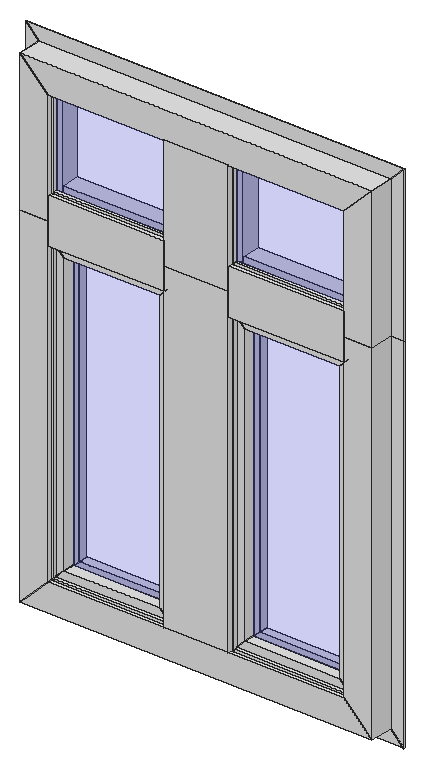
Revit family "511_CC-UT_nailfin", category Windows, host Wall, Revit 2016
Family settings
  Host = Wall
  OmniClass Number = 23.30.20.00
  OmniClass Title = Windows
  Always vertical = Yes
  Cut with Voids When Loaded = No
  Shared = No
  Room Calculation Point = No
Parameters (values of type "30x42")
  VBS = 1 / 2 * Width  # 15"
  MLW3 = 1 / 8 * HBS  # 1 1/2"
  MLW2 = 3.281"
  MLW1 = 2.842"
  MLH = 1 / 2 * (Height - HBS)  # 15"
  Interior Color [instance] = White
  Height = 42"
  HBS = 12"
  Exterior Color [instance] = White
  Default Sill Height = 31.49606"
  Wall Closure = By host
  Width = 30"
  CH [instance] = 30"
Reference planes (in)
  plane 1 "Center (Front/Back)": y = 0
  plane 2 "Center (Left/Right)": x = 0
  plane 3 "Left": x = -15
  plane 4 "Right": x = 15
  plane 5 "Sill": z = 31.49606
  plane 6 "Head": z = 73.49606
  plane 7 "Exterior": y = 3.93701
  plane 8 "Interior": y = -3.93701
  plane 9 "Front of wall": y = 3.93701
  plane 10 "HBS": z = 61.49606
  plane 11 "VBS": x = 0
  plane 12: x = -12.939
  plane 13: z = 59.87406
  plane 14: x = -12.938
  plane 15: x = -2.436
  plane 16: x = 2.438
  plane 17: x = 12.959
  plane 18: z = 34.27706
  plane 19: z = 59.15406
  plane 20: z = 63.11806
  plane 21: z = 71.43306
  plane 22: x = 3.12688
  plane 23: x = -3.12112
  plane 24: x = 12.2515
  plane 25: x = -12.2505
  plane 26: x = -11.7505
  plane 27: x = -3.62112
  plane 28: x = 3.62788
  plane 29: x = 11.7505
  plane 30 "Front of glass": y = 4.19401
Forms (in)
  Extrusion 1, solid, material "White" <- "Interior Color"
    sketch origin (0, 0, 73.49606) x (0, -1, 0) y (1, 0, 0)
      loop
        line (-5.10257, -14.98) -> (-5.07401, -15) -> (-4.01201, -15) -> (-4.01201, -16.125) -> (-3.93701, -16.125) -> (-3.93701, -15) -> (-1.88701, -15) -> (-1.88701, -12.625) -> (-2.26201, -12.625) -> (-2.26201, -12.437) -> (-2.56201, -12.437) -> (-2.56201, -11.7505) -> (-3.44951, -11.7505) -> (-3.44951, -12.2505) -> (-4.19401, -12.2505) -> (-4.19401, -11.7882) -> (-4.23201, -11.8125) -> (-4.97201, -11.8125) -> (-4.97201, -12.3755) -> (-5.01201, -12.3755) -> (-5.01201, -14.37911) -> (-5.38701, -14.43181) -> (-5.38701, -15.02) -> (-5.26201, -15.02) -> (-5.26201, -14.98) -> (-5.10257, -14.98)
    from -12 to -43.125
  Extrusion 2, solid, material "White" <- "Interior Color"
    sketch origin (0, 0, 73.49606) x (0, -1, 0) y (1, 0, 0)
      loop
        line (-5.01201, -0.99251) -> (-5.01201, -2.99612) -> (-4.97201, -3.02375) -> (-4.97201, -3.55912) -> (-4.23201, -3.55912) -> (-4.19401, -3.58342) -> (-4.19401, -3.12112) -> (-3.44951, -3.12112) -> (-3.44951, -3.62112) -> (-2.56201, -3.62112) -> (-2.56201, -2.938) -> (-2.26201, -2.938) -> (-2.26201, -2.74662) -> (-1.88701, -2.74662) -> (-1.88701, 2.75338) -> (-2.26201, 2.75338) -> (-2.26201, 2.94138) -> (-2.56201, 2.94138) -> (-2.56201, 3.62788) -> (-3.44951, 3.62788) -> (-3.44951, 3.12688) -> (-4.19401, 3.12688) -> (-4.19401, 3.59018) -> (-4.23201, 3.56588) -> (-4.97201, 3.56588) -> (-4.97201, 3.00288) -> (-5.01201, 3.00288) -> (-5.01201, 0.99927) -> (-5.38701, 0.94657) -> (-5.38701, -0.94657) -> (-5.01201, -0.99251)
    from -12 to -42
  Extrusion 3, solid, material "White" <- "Interior Color"
    sketch origin (0, 0, 73.49606) x (0, -1, 0) y (1, 0, 0)
      loop
        line (-5.10865, 14.98) -> (-5.26201, 14.98) -> (-5.26201, 15.02) -> (-5.38701, 15.02) -> (-5.38701, 14.43181) -> (-5.01201, 14.37911) -> (-5.01201, 12.3755) -> (-4.97201, 12.34787) -> (-4.97201, 11.8125) -> (-4.23201, 11.8125) -> (-4.19401, 11.7882) -> (-4.19401, 12.2515) -> (-3.44951, 12.2515) -> (-3.44951, 11.7505) -> (-2.56201, 11.7505) -> (-2.56201, 12.437) -> (-2.26201, 12.437) -> (-2.26201, 12.625) -> (-1.88701, 12.625) -> (-1.88701, 15) -> (-3.93701, 15) -> (-3.93701, 16.125) -> (-4.01201, 16.125) -> (-4.01201, 15) -> (-5.07401, 15) -> (-5.10865, 14.98)
    from -43.125 to -12
  Sweep 4, void
    path in 3D
      loop
        line (13.17075, 10.88071, 73.49606) -> (13.17075, 3.93701, 73.49606)
    profile origin (13.17075, 7.40886, 73.49606) x (1, 0, 0) y (0, 0, 1)
      loop
        line (3.54739, 1.71815) -> (1.17715, -0.6521) -> (1.17715, -4.53185) -> (3.54739, -4.53185) -> (3.54739, 1.71815)
  Sweep 5, void
    path in 3D
      loop
        line (13.17075, 10.88071, 73.49606) -> (13.17075, 3.93701, 73.49606)
    profile origin (13.17075, 7.40886, 73.49606) x (1, 0, 0) y (0, 0, 1)
      loop
        line (3.40665, 1.5774) -> (-2.70261, 1.5774) -> (-2.70261, -2.56621) -> (1.17713, -2.56621) -> (1.17713, -0.65211) -> (3.40665, 1.5774)
  Sweep 6, void
    path in 3D
      loop
        line (-1.37003, 11.0544, 73.49606) -> (-1.37003, 3.93701, 73.49606)
    profile origin (-1.37003, 7.4957, 73.49606) x (1, 0, 0) y (0, 0, 1)
      loop
        line (5.19525, -2.56621) -> (5.19525, 2.90913) -> (-2.93212, 2.90913) -> (-2.93212, -2.56621) -> (0.34293, -2.56621) -> (0.34293, -0.56819) -> (2.39713, -0.56819) -> (2.39713, -2.56621) -> (5.19525, -2.56621)
  Sweep 7, void
    path in 3D
      loop
        line (-10.97699, 10.03798, 73.49606) -> (-10.97699, 3.93701, 73.49606)
    profile origin (-10.97699, 6.98749, 73.49606) x (1, 0, 0) y (0, 0, 1)
      loop
        line (-6, 1.97699) -> (-3.37089, -0.65211) -> (-3.37089, -2.56621) -> (0, -2.56621) -> (0, 1.97699) -> (-6, 1.97699)
  Sweep 8, void
    path in 3D
      loop
        line (-10.97699, 10.03798, 73.49606) -> (-10.97699, 3.93701, 73.49606)
    profile origin (-10.97699, 6.98749, 73.49606) x (1, 0, 0) y (0, 0, 1)
      loop
        line (-5.69826, 1.67525) -> (-5.69826, -3.82475) -> (-3.37089, -3.82475) -> (-3.37089, -0.65211) -> (-5.69826, 1.67525)
  Sweep 9, void
    path in 3D
      loop
        line (-10.22699, 10.03798, 31.49606) -> (-10.22699, 3.93701, 31.49606)
    profile origin (-10.22699, 6.98749, 31.49606) x (1, 0, 0) y (0, 0, 1)
      loop
        line (-7.19826, -2.42525) -> (-0.94826, -2.42525) -> (-0.94826, 3.82475) -> (-7.19826, -2.42525)
  Sweep 10, void
    path in 3D
      loop
        line (-10.22699, 10.03798, 31.49606) -> (-10.22699, 3.93701, 31.49606)
    profile origin (-10.22699, 6.98749, 31.49606) x (1, 0, 0) y (0, 0, 1)
      loop
        line (-7.12503, -2.35203) -> (-1.12503, 3.64797) -> (-7.12503, 3.64797) -> (-7.12503, -2.35203)
  Sweep 11, void
    path in 3D
      loop
        line (13.73886, 10.73342, 31.49606) -> (13.73886, 3.93701, 31.49606)
    profile origin (13.73886, 7.33521, 31.49606) x (1, 0, 0) y (0, 0, 1)
      loop
        line (-2.17869, 3.43969) -> (-2.17869, -2.56031) -> (3.82131, -2.56031) -> (-2.17869, 3.43969)
  Sweep 12, void
    path in 3D
      loop
        line (13.73886, 10.73342, 31.49606) -> (13.73886, 3.93701, 31.49606)
    profile origin (13.73886, 7.33521, 31.49606) x (1, 0, 0) y (0, 0, 1)
      loop
        line (-2.239, 3.5) -> (3.1142, -1.8532) -> (3.1142, 3.5) -> (-2.239, 3.5)
  Sweep 13, void
    path in 3D
      loop
        line (14.01239, 10.60718, 61.49606) -> (14.01239, 3.93701, 61.49606)
    profile origin (14.01239, 7.27209, 61.49606) x (1, 0, 0) y (0, 0, 1)
      loop
        line (0.41942, 0.13119) -> (0.33551, 0.2151) -> (0.33551, 2.12735) -> (-2.89836, 2.12735) -> (-2.89836, -3.47847) -> (0.36672, -0.21339) -> (0.36672, -0.14043) -> (0.41942, -0.14043) -> (0.41942, 0.13119)
  Extrusion 14, void
    sketch origin (0, 3.93701, 0) x (1, 0, 0) y (0, 0, 1)
      loop
        line (-11.42787, 64.6627) -> (-15.2708, 64.6627) -> (-15.2708, 58.31006) -> (-11.4065, 58.31006) -> (-12.437, 59.34056) -> (-12.437, 59.56006) -> (-12.625, 59.56006) -> (-12.625, 63.43406) -> (-12.437, 63.43406) -> (-12.437, 63.65356) -> (-11.42787, 64.6627)
    from 0 to 12
  Extrusion 15, void
    sketch origin (0, 3.93701, 0) x (1, 0, 0) y (0, 0, 1)
      loop
        line (-11.60996, 58.51352) -> (-11.60996, 59.89362) -> (-12.437, 59.89362) -> (-12.437, 59.34056) -> (-11.60996, 58.51352)
    from 0 to 12
  Extrusion 16, void
    sketch origin (0, 3.93701, 0) x (1, 0, 0) y (0, 0, 1)
      loop
        line (-4.05331, 64.77225) -> (-2.93462, 63.65356) -> (-2.93462, 63.43406) -> (-2.74662, 63.43406) -> (-2.74662, 59.56006) -> (-2.938, 59.56006) -> (-2.938, 59.33718) -> (-4.21512, 58.06006) -> (4.22188, 58.06006) -> (2.93935, 59.34259) -> (2.93935, 59.56006) -> (2.75, 59.56006) -> (2.75, 63.43406) -> (2.94138, 63.43406) -> (2.94138, 63.65356) -> (4.06007, 64.77225) -> (-4.05331, 64.77225)
    from 0 to 12
  Extrusion 17, void
    sketch origin (0, 3.93701, 0) x (1, 0, 0) y (0, 0, 1)
      loop
        line (-3.89546, 58.37973) -> (-2.938, 59.33718) -> (-2.938, 59.72885) -> (-3.89546, 59.72885) -> (-3.89546, 58.37973)
    from 0 to 12
  Extrusion 18, void
    sketch origin (0, 3.93701, 0) x (1, 0, 0) y (0, 0, 1)
      loop
        line (3.8907, 58.39125) -> (3.8907, 60.09259) -> (2.93935, 60.09259) -> (2.93935, 59.34259) -> (3.8907, 58.39125)
    from 0 to 12
  Extrusion 19, void
    sketch origin (0, 3.93701, 0) x (1, 0, 0) y (0, 0, 1)
      loop
        line (12.437, 64.18406) -> (12.437, 63.43406) -> (12.625, 63.43406) -> (12.625, 59.56006) -> (12.437, 59.56006) -> (12.437, 59.34056) -> (11.4065, 58.31006) -> (15.93495, 58.31006) -> (15.93495, 64.18406) -> (12.437, 64.18406)
    from 0 to 12
  Extrusion 20, void
    sketch origin (0, 3.93701, 0) x (1, 0, 0) y (0, 0, 1)
      loop
        line (10.687, 57.59056) -> (12.437, 59.34056) -> (12.437, 60.19666) -> (10.687, 60.19666) -> (10.687, 57.59056)
    from 0 to 12
  Extrusion 21, void
    sketch origin (0, 3.93701, 0) x (1, 0, 0) y (0, 0, 1)
      loop
        line (-3.87098, 71.12106) -> (3.94138, 71.12106) -> (3.94138, 74.84856) -> (-3.87098, 74.84856) -> (-3.87098, 71.12106)
    from 0 to 12
  Extrusion 22, void
    sketch origin (0, 3.93701, 0) x (1, 0, 0) y (0, 0, 1)
      loop
        line (4.35902, 69.48392) -> (2.94135, 70.90159) -> (2.94135, 71.12106) -> (-2.93935, 71.12106) -> (-2.93935, 69.48392) -> (4.35902, 69.48392)
    from 0 to 12
  Extrusion 23, void
    sketch origin (0, 3.93701, 0) x (1, 0, 0) y (0, 0, 1)
      loop
        line (-2.938, 34.09394) -> (-2.938, 33.87106) -> (2.938, 33.87106) -> (2.938, 34.08718) -> (4.20232, 35.35151) -> (-4.19557, 35.35151) -> (-2.938, 34.09394)
    from 0 to 12
  Extrusion 24, void
    sketch origin (0, 3.93701, 0) x (1, 0, 0) y (0, 0, 1)
      loop
        line (-4.188, 29.62106) -> (3.938, 29.62106) -> (3.938, 35.08718) -> (2.938, 34.08718) -> (2.938, 33.87106) -> (-2.938, 33.87106) -> (-2.938, 34.09394) -> (-4.188, 35.34394) -> (-4.188, 29.62106)
    from 0 to 12
  Extrusion 25, void
    sketch origin (0, 3.93701, 0) x (1, 0, 0) y (0, 0, 1)
      loop
        line (12.43365, 33.87106) -> (12.625, 33.87106) -> (17.20623, 29.28983) -> (17.20623, 35.73265) -> (10.79492, 35.73265) -> (12.43365, 34.09392) -> (12.43365, 33.87106)
    from 0 to 12
  Extrusion 26, void
    sketch origin (0, 3.93701, 0) x (1, 0, 0) y (0, 0, 1)
      loop
        line (18.25, 28.24606) -> (12.625, 33.87106) -> (12.43365, 33.87106) -> (12.43365, 34.09392) -> (11.21079, 35.31678) -> (11.21079, 28.24606) -> (18.25, 28.24606)
    from 0 to 12
  Extrusion 27, void
    sketch origin (0, 3.93701, 0) x (1, 0, 0) y (0, 0, 1)
      loop
        line (-12.437, 34.09056) -> (-11.19362, 35.33394) -> (-18.17911, 35.33394) -> (-18.17911, 28.31696) -> (-12.625, 33.87106) -> (-12.437, 33.87106) -> (-12.437, 34.09056)
    from 0 to 12
  Extrusion 28, void
    sketch origin (0, 3.93701, 0) x (1, 0, 0) y (0, 0, 1)
      loop
        line (-12.437, 33.87106) -> (-12.625, 33.87106) -> (-17.42525, 29.07081) -> (-11.437, 29.07081) -> (-11.437, 35.09056) -> (-12.437, 34.09056) -> (-12.437, 33.87106)
    from 0 to 12
  Extrusion 29, void
    sketch origin (0, 3.93701, 0) x (1, 0, 0) y (0, 0, 1)
      loop
        line (-11.32161, 69.78617) -> (-12.437, 70.90156) -> (-12.437, 71.12106) -> (-12.625, 71.12106) -> (-17.82654, 76.3226) -> (-17.82654, 69.78617) -> (-11.32161, 69.78617)
    from 0 to 12
  Extrusion 30, void
    sketch origin (0, 3.93701, 0) x (1, 0, 0) y (0, 0, 1)
      loop
        line (-11.55698, 70.02154) -> (-11.55698, 76.33254) -> (-17.83647, 76.33254) -> (-12.625, 71.12106) -> (-12.437, 71.12106) -> (-12.437, 70.90156) -> (-11.55698, 70.02154)
    from 0 to 12
  Extrusion 31, void
    sketch origin (0, 3.93701, 0) x (1, 0, 0) y (0, 0, 1)
      loop
        line (11.33848, 69.80304) -> (16.71815, 69.80304) -> (16.71815, 75.21421) -> (12.625, 71.12106) -> (12.437, 71.12106) -> (12.437, 70.90156) -> (11.33848, 69.80304)
    from 0 to 12
  Extrusion 32, void
    sketch origin (0, 3.93701, 0) x (1, 0, 0) y (0, 0, 1)
      loop
        line (11.35412, 69.81868) -> (12.43565, 70.90021) -> (12.43565, 71.12106) -> (12.625, 71.12106) -> (17.72703, 76.2231) -> (11.35412, 76.2231) -> (11.35412, 69.81868)
    from 0 to 12
  Sweep 33, void
    path in 3D
      loop
        line (14.01239, 10.60718, 61.49606) -> (14.01239, 3.93701, 61.49606)
    profile origin (14.01239, 7.27209, 61.49606) x (1, 0, 0) y (0, 0, 1)
      loop
        line (-3.00651, -3.58662) -> (2.96457, -3.58662) -> (2.96457, 2.72308) -> (0.41942, 2.72308) -> (0.41942, -0.14134) -> (0.36672, -0.21339) -> (-3.00651, -3.58662)
  Sweep 34, void
    path in 3D
      loop
        line (1.47049, 10.57046, 61.49606) -> (1.47049, 3.93701, 61.49606)
    profile origin (1.47049, 7.25373, 61.49606) x (1, 0, 0) y (0, 0, 1)
      loop
        line (2.32785, -3.01246) -> (2.32785, 2.12735) -> (-0.44339, 2.12735) -> (-0.44339, 0.2151) -> (-0.5273, 0.13119) -> (-0.5273, -0.14043) -> (-0.44339, -0.14043) -> (-0.44339, -0.24122) -> (2.32785, -3.01246)
  Sweep 35, void
    path in 3D
      loop
        line (1.47049, 10.57046, 61.49606) -> (1.47049, 3.93701, 61.49606)
    profile origin (1.47049, 7.25373, 61.49606) x (1, 0, 0) y (0, 0, 1)
      loop
        line (-6.02599, -3.77638) -> (3.09177, -3.77638) -> (-0.44339, -0.24122) -> (-0.44339, -0.18189) -> (-0.52392, -0.13257) -> (-2.41706, -0.13257) -> (-2.49759, -0.2131) -> (-2.49759, -0.24798) -> (-6.02599, -3.77638)
  Sweep 36, void
    path in 3D
      loop
        line (1.47049, 10.57046, 61.49606) -> (1.47049, 3.93701, 61.49606)
    profile origin (1.47049, 7.25373, 61.49606) x (1, 0, 0) y (0, 0, 1)
      loop
        line (-2.41368, 0.16607) -> (-2.49759, 0.2151) -> (-2.49759, 2.12735) -> (-5.82246, 2.12735) -> (-5.82246, -3.57285) -> (-2.49759, -0.24798) -> (-2.49759, -0.14043) -> (-2.41368, -0.14043) -> (-2.41368, 0.16607)
  Sweep 37, void
    path in 3D
      loop
        line (-9.47699, 10.03798, 61.49606) -> (-9.47699, 3.93701, 61.49606)
    profile origin (-9.47699, 6.98749, 61.49606) x (1, 0, 0) y (0, 0, 1)
      loop
        line (-4.95482, 0.13119) -> (-4.95482, -0.14043) -> (-4.90211, -0.14043) -> (-4.90211, -0.21339) -> (-1.90211, -3.21339) -> (-1.90211, 2.12735) -> (-4.87091, 2.12735) -> (-4.87091, 0.2151) -> (-4.95482, 0.13119)
  Sweep 38, void
    path in 3D
      loop
        line (-9.47699, 10.03798, 61.49606) -> (-9.47699, 3.93701, 61.49606)
    profile origin (-9.47699, 6.98749, 61.49606) x (1, 0, 0) y (0, 0, 1)
      loop
        line (-4.90211, -0.21339) -> (-5.15211, -0.21339) -> (-5.15211, 2.94078) -> (-6.90211, 2.94078) -> (-6.90211, -3.21339) -> (-1.90211, -3.21339) -> (-4.90211, -0.21339)
  Sweep 39, void
    path in 3D
      loop
        line (0.73406, 10.75983, 31.49606) -> (0.73406, 3.93701, 31.49606)
    profile origin (0.73406, 7.34842, 31.49606) x (1, 0, 0) y (0, 0, 1)
      loop
        line (3.21251, -2.28495) -> (3.21251, 3.59969) -> (0.21251, 0.59969) -> (0.21251, 0.56819) -> (-1.68063, 0.56819) -> (-1.68063, 0.60645) -> (-4.93149, 3.85732) -> (-4.93149, -2.28495) -> (3.21251, -2.28495)
  Extrusion 40, solid, material "White" <- "Interior Color"
    sketch origin (0, 0, 73.49606) x (0, -1, 0) y (1, 0, 0)
      loop
        line (-5.1169, -14.98) -> (-5.07401, -15) -> (-4.01201, -15) -> (-4.01201, -16.125) -> (-3.93701, -16.125) -> (-3.93701, -15) -> (-1.88701, -15) -> (-1.88701, -12.625) -> (-2.26201, -12.625) -> (-2.26201, -12.437) -> (-2.51251, -12.437) -> (-2.51251, -12.938) -> (-3.25701, -12.938) -> (-3.25701, -12.437) -> (-4.78995, -12.437) -> (-4.78995, -14.3479) -> (-5.38701, -14.43181) -> (-5.38701, -15.02) -> (-5.26201, -15.02) -> (-5.26201, -14.98) -> (-5.1169, -14.98)
    from 1.125 to -12
  Extrusion 41, solid, material "White" <- "Interior Color"
    sketch origin (0, 0, 115.49606) x (0, -1, 0) y (1, 0, 0)
      loop
        line (-4.78995, 1.0271) -> (-5.38701, 0.94319) -> (-5.38701, -0.94319) -> (-4.78995, -1.0271) -> (-4.78995, -2.93935) -> (-3.25701, -2.93935) -> (-3.25701, -2.436) -> (-2.51251, -2.436) -> (-2.51251, -2.93935) -> (-2.26201, -2.93935) -> (-2.26201, -2.75) -> (-1.88701, -2.75) -> (-1.88701, 2.75) -> (-2.26201, 2.75) -> (-2.26201, 2.938) -> (-2.51251, 2.938) -> (-2.51251, 2.438) -> (-3.25701, 2.438) -> (-3.25701, 2.94135) -> (-4.78995, 2.94135) -> (-4.78995, 1.0271)
    from -42 to -54
  Extrusion 42, solid, material "White" <- "Interior Color"
    sketch origin (0, 0, 73.49606) x (0, -1, 0) y (1, 0, 0)
      loop
        line (-5.10257, 14.98) -> (-5.26201, 14.98) -> (-5.26201, 15.02) -> (-5.38701, 15.02) -> (-5.38701, 14.43181) -> (-4.78995, 14.3479) -> (-4.78995, 12.43565) -> (-3.25701, 12.43565) -> (-3.25701, 12.939) -> (-2.51251, 12.939) -> (-2.51251, 12.43565) -> (-2.26201, 12.43565) -> (-2.26201, 12.625) -> (-1.88701, 12.625) -> (-1.88701, 15) -> (-3.93701, 15) -> (-3.93701, 16.125) -> (-4.01201, 16.125) -> (-4.01201, 15) -> (-5.07401, 15) -> (-5.10257, 14.98)
    from 1.125 to -12
  Extrusion 43, solid, material "White" <- "Interior Color"
    sketch origin (0, 0, 0) x (0, 1, 0) y (0, 0, 1)
      loop
        line (5.10257, 31.51606) -> (5.26201, 31.51606) -> (5.26201, 31.47606) -> (5.38701, 31.47606) -> (5.38701, 32.06425) -> (5.01201, 32.11684) -> (5.01201, 34.15206) -> (4.97201, 34.15206) -> (4.97201, 34.71516) -> (4.23197, 34.71516) -> (4.19401, 34.73939) -> (4.19401, 34.27706) -> (3.44951, 34.27706) -> (3.44951, 34.77706) -> (2.56201, 34.77706) -> (2.56201, 34.05906) -> (2.26201, 34.05906) -> (2.26201, 33.87106) -> (1.88701, 33.87106) -> (1.88701, 31.49606) -> (3.93701, 31.49606) -> (3.93701, 30.37106) -> (4.01201, 30.37106) -> (4.01201, 31.49606) -> (5.07401, 31.49606) -> (5.10257, 31.51606)
    from 16.125 to -16.125
  Extrusion 44, solid, material "White" <- "Interior Color"
    sketch origin (0, 0, 0) x (0, 1, 0) y (0, 0, 1)
      loop
        line (1.88701, 59.56006) -> (2.26201, 59.56006) -> (2.26201, 59.37206) -> (2.56201, 59.37206) -> (2.56201, 58.65406) -> (3.44951, 58.65406) -> (3.44951, 59.15406) -> (4.19401, 59.15406) -> (4.19401, 58.69177) -> (4.23201, 58.71606) -> (4.97201, 58.71606) -> (4.97201, 59.27906) -> (5.01201, 59.27906) -> (5.01201, 61.31417) -> (5.30701, 61.35563) -> (5.30701, 61.6365) -> (4.78995, 61.71116) -> (4.78995, 63.62342) -> (3.25701, 63.62342) -> (3.25701, 63.11806) -> (2.51251, 63.11806) -> (2.51251, 63.62206) -> (2.26201, 63.62206) -> (2.26201, 63.43406) -> (1.88701, 63.43406) -> (1.88701, 59.56006)
    from 15 to -15
  Extrusion 45, solid, material "White" <- "Interior Color"
    sketch origin (0, 0, 0) x (0, 1, 0) y (0, 0, 1)
      loop
        line (5.10865, 73.47606) -> (5.07401, 73.49606) -> (4.01201, 73.49606) -> (4.01201, 74.62106) -> (3.93701, 74.62106) -> (3.93701, 73.49606) -> (1.88701, 73.49606) -> (1.88701, 71.12106) -> (2.26201, 71.12106) -> (2.26201, 70.93306) -> (2.51251, 70.93306) -> (2.51251, 71.43306) -> (3.25701, 71.43306) -> (3.25701, 70.92985) -> (4.78987, 70.92985) -> (4.78987, 72.84395) -> (5.38701, 72.92787) -> (5.38701, 73.51606) -> (5.26201, 73.51606) -> (5.26201, 73.47606) -> (5.10865, 73.47606)
    from -16.125 to 16.125
  Sweep 46, void
    path in 3D
      loop
        line (0.73406, 10.75983, 31.49606) -> (0.73406, 3.93701, 31.49606)
    profile origin (0.73406, 7.34842, 31.49606) x (1, 0, 0) y (0, 0, 1)
      loop
        line (-5.14147, 4.06729) -> (-1.68063, 0.60645) -> (0.21927, 0.60645) -> (3.68011, 4.06729) -> (-5.14147, 4.06729)
  Extrusion 47, solid, material "Glass"
    sketch origin (0, 0, 0) x (0, 1, 0) y (0, 0, 1)
      loop
        line (3.25701, 63.11806) -> (3.25701, 71.43306) -> (2.51251, 71.43306) -> (2.51251, 63.11806) -> (3.25701, 63.11806)
    from -12.938 to -2.436
  Extrusion 48, solid, material "Glass"
    sketch origin (0, 0, 0) x (0, 1, 0) y (0, 0, 1)
      loop
        line (4.19401, 59.15406) -> (3.44951, 59.15406) -> (3.44951, 34.27706) -> (4.19401, 34.27706) -> (4.19401, 59.15406)
    from -12.2505 to -3.12112
  Extrusion 49, solid, material "Glass"
    sketch origin (0, 0, 0) x (0, 1, 0) y (0, 0, 1)
      loop
        line (4.19401, 59.15406) -> (3.44951, 59.15406) -> (3.44951, 34.27706) -> (4.19401, 34.27706) -> (4.19401, 59.15406)
    from 12.2515 to 3.12688
  Extrusion 50, solid, material "Glass"
    sketch origin (0, 0, 0) x (0, 1, 0) y (0, 0, 1)
      loop
        line (3.25701, 71.43306) -> (2.51251, 71.43306) -> (2.51251, 63.11806) -> (3.25701, 63.11806) -> (3.25701, 71.43306)
    from 12.959 to 2.438
Cuts and joins
  Sweep 5, Sweep 11, Sweep 13, Extrusion 20, Extrusion 26, Extrusion 32 cuts Extrusion 3
  Sweep 6, Extrusion 17, Extrusion 18, Extrusion 21, Extrusion 24, Sweep 34, Sweep 36, Sweep 39 cuts Extrusion 2
  Sweep 7, Sweep 9, Extrusion 15, Extrusion 28, Extrusion 30, Sweep 37 cuts Extrusion 1
  Sweep 4, Sweep 8, Extrusion 22, Extrusion 29, Extrusion 31 cuts Extrusion 45
  Sweep 7, Extrusion 30, Sweep 37 cuts Extrusion 40
  Sweep 5, Sweep 13, Extrusion 32 cuts Extrusion 42
  Sweep 10, Sweep 12, Extrusion 23, Extrusion 25, Extrusion 27, Sweep 46 cuts Extrusion 43
  Extrusion 14, Extrusion 16, Extrusion 19, Sweep 33, Sweep 35, Sweep 38 cuts Extrusion 44
  Sweep 6, Extrusion 21, Sweep 34, Sweep 36 cuts Extrusion 41
Lines and regions (in)
  Opening 1
    outline origin (137.79528, -3.93701, 0) x (1, 0, 0) y (0, 0, 1)
      loop
        line (-122.79528, 31.49606) -> (-122.79528, 73.49606) -> (-152.79528, 73.49606) -> (-152.79528, 31.49606) -> (-122.79528, 31.49606)
  reference lines
    curve 1: line (-10.97699, 10.03798, 73.49606) -> (-10.97699, 3.93701, 73.49606)
    curve 2: line (-10.22699, 10.03798, 31.49606) -> (-10.22699, 3.93701, 31.49606)
    curve 3: line (-9.47699, 10.03798, 61.49606) -> (-9.47699, 3.93701, 61.49606)
    curve 4: line (-1.37003, 11.0544, 73.49606) -> (-1.37003, 3.93701, 73.49606)
    curve 5: line (0.73406, 10.75983, 31.49606) -> (0.73406, 3.93701, 31.49606)
    curve 6: line (1.47049, 10.57046, 61.49606) -> (1.47049, 3.93701, 61.49606)
    curve 7: line (13.17075, 10.88071, 73.49606) -> (13.17075, 3.93701, 73.49606)
    curve 8: line (13.73886, 10.73342, 31.49606) -> (13.73886, 3.93701, 31.49606)
    curve 9: line (14.01239, 10.60718, 61.49606) -> (14.01239, 3.93701, 61.49606)
    curve 28: line (-3.62112, 3.93701, 58.65406) -> (-11.7505, 3.93701, 46.49606)
    curve 29: line (-11.7505, 3.93701, 46.49606) -> (-3.62112, 3.93701, 34.77706)
    curve 30: line (3.62788, 3.93701, 34.77706) -> (11.7505, 3.93701, 46.49606)
    curve 31: line (11.7505, 3.93701, 46.49606) -> (3.62788, 3.93701, 58.65406)
    curve 36: line (10, 3.93701, 69.99606) -> (5, 3.93701, 69.99606)
    curve 37: line (10, 3.93701, 64.99606) -> (10, 3.93701, 69.99606)
    curve 38: line (5, 3.93701, 64.99606) -> (10, 3.93701, 64.99606)
    curve 39: line (5, 3.93701, 69.99606) -> (5, 3.93701, 64.99606)
    curve 43: line (7.5, 3.93701, 64.99606) -> (7.5, 3.93701, 71.49606)
    curve 44: line (10, 3.93701, 67.49606) -> (2.5, 3.93701, 67.49606)
    curve 45: line (-5, 3.93701, 69.99606) -> (-10, 3.93701, 69.99606)
    curve 46: line (-5, 3.93701, 64.99606) -> (-5, 3.93701, 69.99606)
    curve 47: line (-10, 3.93701, 64.99606) -> (-5, 3.93701, 64.99606)
    curve 48: line (-10, 3.93701, 69.99606) -> (-10, 3.93701, 64.99606)
    curve 52: line (-7.5, 3.93701, 64.99606) -> (-7.5, 3.93701, 71.49606)
    curve 53: line (-5, 3.93701, 67.49606) -> (-12.5, 3.93701, 67.49606)
    curve 58: line (10, 0, 69.99606) -> (5, 0, 69.99606)
    curve 59: line (10, 0, 64.99606) -> (10, 0, 69.99606)
    curve 60: line (5, 0, 64.99606) -> (10, 0, 64.99606)
    curve 61: line (5, 0, 69.99606) -> (5, 0, 64.99606)
    curve 62: line (7.5, 0, 64.99606) -> (7.5, 0, 72.49606)
    curve 63: line (10, 0, 67.49606) -> (3, 0, 67.49606)
    curve 67: line (-5, 0, 69.99606) -> (-10, 0, 69.99606)
    curve 68: line (-5, 0, 64.99606) -> (-5, 0, 69.99606)
    curve 69: line (-10, 0, 64.99606) -> (-5, 0, 64.99606)
    curve 70: line (-10, 0, 69.99606) -> (-10, 0, 64.99606)
    curve 71: line (-7.5, 0, 64.99606) -> (-7.5, 0, 72.49606)
    curve 72: line (-5, 0, 67.49606) -> (-12, 0, 67.49606)
  sketch lines
    curve 10: line (13.17075, 10.88071, 73.49606) -> (13.17075, 3.93701, 73.49606)
    curve 11: line (13.17075, 10.88071, 73.49606) -> (13.17075, 3.93701, 73.49606)
    curve 12: line (-1.37003, 11.0544, 73.49606) -> (-1.37003, 3.93701, 73.49606)
    curve 13: line (-10.97699, 10.03798, 73.49606) -> (-10.97699, 3.93701, 73.49606)
    curve 14: line (-10.97699, 10.03798, 73.49606) -> (-10.97699, 3.93701, 73.49606)
    curve 15: line (-10.22699, 10.03798, 31.49606) -> (-10.22699, 3.93701, 31.49606)
    curve 16: line (-10.22699, 10.03798, 31.49606) -> (-10.22699, 3.93701, 31.49606)
    curve 17: line (13.73886, 10.73342, 31.49606) -> (13.73886, 3.93701, 31.49606)
    curve 18: line (13.73886, 10.73342, 31.49606) -> (13.73886, 3.93701, 31.49606)
    curve 19: line (14.01239, 10.60718, 61.49606) -> (14.01239, 3.93701, 61.49606)
    curve 20: line (14.01239, 10.60718, 61.49606) -> (14.01239, 3.93701, 61.49606)
    curve 21: line (1.47049, 10.57046, 61.49606) -> (1.47049, 3.93701, 61.49606)
    curve 22: line (1.47049, 10.57046, 61.49606) -> (1.47049, 3.93701, 61.49606)
    curve 23: line (1.47049, 10.57046, 61.49606) -> (1.47049, 3.93701, 61.49606)
    curve 24: line (-9.47699, 10.03798, 61.49606) -> (-9.47699, 3.93701, 61.49606)
    curve 25: line (-9.47699, 10.03798, 61.49606) -> (-9.47699, 3.93701, 61.49606)
    curve 26: line (0.73406, 10.75983, 31.49606) -> (0.73406, 3.93701, 31.49606)
    curve 27: line (0.73406, 10.75983, 31.49606) -> (0.73406, 3.93701, 31.49606)
  model lines
    curve 32: line (-3.62112, 4.19401, 34.77706) -> (-11.7505, 4.19401, 46.49606)
    curve 33: line (-11.7505, 4.19401, 46.49606) -> (-3.62112, 4.19401, 58.65406)
    curve 34: line (3.62788, 4.19401, 58.65406) -> (11.7505, 4.19401, 46.49606)
    curve 35: line (11.7505, 4.19401, 46.49606) -> (3.62788, 4.19401, 34.77706)
    curve 40: line (10, 3.93701, 69.99606) -> (5, 3.93701, 64.99606)
    curve 41: line (5, 3.93701, 67.49606) -> (7.5, 3.93701, 69.99606)
    curve 42: line (7.5, 3.93701, 64.99606) -> (10, 3.93701, 67.49606)
    curve 49: line (-5, 3.93701, 69.99606) -> (-10, 3.93701, 64.99606)
    curve 50: line (-10, 3.93701, 67.49606) -> (-7.5, 3.93701, 69.99606)
    curve 51: line (-7.5, 3.93701, 64.99606) -> (-5, 3.93701, 67.49606)
  symbolic lines
    curve 54: line (3.62788, 3.93701, 58.65406) -> (11.7505, 3.93701, 46.49606)
    curve 55: line (11.7505, 3.93701, 46.49606) -> (3.62788, 3.93701, 34.77706)
    curve 56: line (-3.62112, 3.93701, 34.77706) -> (-11.7505, 3.93701, 46.49606)
    curve 57: line (-11.7505, 3.93701, 46.49606) -> (-3.62112, 3.93701, 58.65406)
    curve 64: line (7.5, 0, 64.99606) -> (10, 0, 67.49606)
    curve 65: line (7.5, 0, 69.99606) -> (5, 0, 67.49606)
    curve 66: line (5, 0, 64.99606) -> (10, 0, 69.99606)
    curve 73: line (-7.5, 0, 64.99606) -> (-5, 0, 67.49606)
    curve 74: line (-7.5, 0, 69.99606) -> (-10, 0, 67.49606)
    curve 75: line (-10, 0, 64.99606) -> (-5, 0, 69.99606)
Text (in)
  text "EXTERIOR" at (-77.29147, 52.45485, 0), in view "Ref. Level"
  text "INTERIOR" at (-78.01048, -32.21994, 0), in view "Ref. Level"
  text "Exterior" at (0, 36.36817, 115.8778), in view "Right"
  text "Exterior" at (0, 40.96394, 105.72475), in view "Left"
Dimensions and locks (in)
  equal spacing: plane 3 "Left", plane 2 "Center (Left/Right)", plane 4 "Right"
  "Width": plane 3 "Left" to plane 4 "Right"
  "Height": plane 5 "Sill" to plane 6 "Head"
  "Default Sill Height": plane 5 "Sill" to level
  locked: plane 7 "Exterior" to host wall at 0
  locked: plane 8 "Interior" to host wall
  "HBS": plane 10 "HBS" to plane 6 "Head"
  "VBS": plane 11 "VBS" to plane 4 "Right"
  locked: Extrusion 1 sketch curve to plane 3 "Left" at 1.125
  locked: Extrusion 1 sketch curve to plane 9 "Front of wall" at 2.05
  locked: Extrusion 1 sketch curve to Extrusion 1 sketch curve at 2.375
  locked: Extrusion 2 sketch curve to plane 9 "Front of wall" at 2.05
  locked: Extrusion 2 sketch curve to plane 11 "VBS" at 2.74662
  locked: plane 11 "VBS" to Extrusion 2 sketch curve at 2.75338
  equal spacing: Extrusion 2 sketch curve, plane 11 "VBS", Extrusion 2 sketch curve
  locked: Extrusion 3 sketch curve to plane 9 "Front of wall" at 2.05
  locked: plane 4 "Right" to Extrusion 3 sketch curve at 1.125
  locked: Extrusion 3 sketch curve to Extrusion 3 sketch curve at 2.375
  locked: plane 3 "Left" to plane 12 at 2.061
  locked: plane 10 "HBS" to plane 13 at 1.622
  locked: plane 3 "Left" to Extrusion 40 sketch curve at 1.125
  locked: Extrusion 40 sketch curve to plane 9 "Front of wall" at 2.05
  locked: Extrusion 40 sketch curve to Extrusion 40 sketch curve at 2.375
  locked: Extrusion 41 sketch curve to plane 9 "Front of wall" at 2.05
  equal spacing: Extrusion 41 sketch curve, plane 11 "VBS", Extrusion 41 sketch curve
  locked: plane 11 "VBS" to Extrusion 41 sketch curve at 2.75
  locked: Extrusion 41 sketch curve to plane 11 "VBS" at 2.75
  locked: Extrusion 42 sketch curve to plane 4 "Right" at 1.125
  locked: Extrusion 42 sketch curve to plane 9 "Front of wall" at 2.05
  locked: Extrusion 42 sketch curve to Extrusion 42 sketch curve at 2.375
  locked: plane 21 to plane 6 "Head" at 2.063
  locked: plane 10 "HBS" to plane 20 at 1.622
  locked: plane 10 "HBS" to plane 19 at 2.342
  locked: plane 5 "Sill" to plane 18 at 2.781
  locked: plane 9 "Front of wall" to Extrusion 43 sketch curve at 2.05
  locked: Extrusion 43 sketch curve to Extrusion 43 sketch curve at 2.375
  locked: Extrusion 43 sketch curve to plane 5 "Sill" at 1.125
  locked: plane 9 "Front of wall" to Extrusion 44 sketch curve at 2.05
  locked: Extrusion 44 sketch curve to plane 10 "HBS" at 1.938
  locked: plane 10 "HBS" to Extrusion 44 sketch curve at 1.936
  equal spacing: Extrusion 44 sketch curve, plane 10 "HBS", Extrusion 44 sketch curve
  locked: plane 6 "Head" to Extrusion 45 sketch curve at 1.125
  locked: plane 9 "Front of wall" to Extrusion 45 sketch curve at 2.05
  locked: Extrusion 45 sketch curve to Extrusion 45 sketch curve at 2.375
  locked: plane 11 "VBS" to plane 16 at 2.438
  locked: plane 15 to plane 11 "VBS" at 2.436
  locked: plane 3 "Left" to plane 14 at 2.062
  locked: plane 17 to plane 4 "Right" at 2.041
  locked: plane 3 "Left" to plane 25 at 2.7495
  locked: plane 23 to plane 11 "VBS" at 3.12112
  locked: plane 11 "VBS" to plane 22 at 3.12688
  locked: plane 24 to plane 4 "Right" at 2.7485
  "MLH": plane 5 "Sill" to curve 31
  "MLH": plane 5 "Sill" to curve 28
  "MLH": curve 29 to plane 10 "HBS"
  "MLW2": plane 5 "Sill" to curve 29
  "MLW2": plane 5 "Sill" to curve 30
  "MLW1": curve 31 to plane 10 "HBS"
  "MLW1": curve 28 to plane 10 "HBS"
  "MLH": curve 30 to plane 10 "HBS"
  locked: plane 3 "Left" to plane 26 at 3.2495
  locked: plane 27 to plane 11 "VBS" at 3.62112
  locked: plane 11 "VBS" to plane 28 at 3.62788
  locked: plane 29 to plane 4 "Right" at 3.2495
  plane 5 "Sill" to plane 10 "HBS" = 30"
  locked: plane 30 "Front of glass" to plane 9 "Front of wall" at 0.257
  equal spacing: curve 41, curve 40, curve 42
  locked: curve 37 to curve 39 at 5
  locked: curve 38 to curve 36 at 5
  equal spacing: curve 39, curve 43, curve 37
  equal spacing: curve 38, curve 44, curve 36
  equal spacing: curve 50, curve 49, curve 51
  locked: curve 46 to curve 48 at 5
  locked: curve 47 to curve 45 at 5
  equal spacing: curve 48, curve 52, curve 46
  equal spacing: curve 47, curve 53, curve 45
  equal spacing: plane 10 "HBS", curve 44, plane 6 "Head"
  equal spacing: plane 10 "HBS", curve 53, plane 6 "Head"
  equal spacing: plane 3 "Left", curve 52, plane 11 "VBS"
  equal spacing: plane 11 "VBS", curve 43, plane 4 "Right"
  locked: curve 59 to curve 61 at 5
  locked: curve 60 to curve 58 at 5
  equal spacing: curve 61, curve 62, curve 59
  equal spacing: curve 60, curve 63, curve 58
  locked: curve 61 to curve 65 at 2.5
  locked: curve 61 to curve 64 at 2.5
  locked: curve 64 to curve 60 at 2.5
  locked: curve 65 to curve 60 at 2.5
  locked: curve 59 to curve 66 at 5
  locked: curve 68 to curve 70 at 5
  locked: curve 69 to curve 67 at 5
  equal spacing: curve 70, curve 71, curve 68
  equal spacing: curve 69, curve 72, curve 67
  locked: curve 70 to curve 74 at 2.5
  locked: curve 70 to curve 73 at 2.5
  locked: curve 73 to curve 69 at 2.5
  locked: curve 74 to curve 69 at 2.5
  locked: curve 68 to curve 75 at 5
  equal spacing: plane 6 "Head", curve 63, plane 10 "HBS"
  equal spacing: plane 6 "Head", curve 72, plane 10 "HBS"
  equal spacing: plane 3 "Left", curve 71, plane 11 "VBS"
  equal spacing: plane 11 "VBS", curve 62, plane 4 "Right"
  "CH": plane 5 "Sill" to plane 10 "HBS"
  aligned and locked: plane 9 "Front of wall" to host wall
  aligned and locked: Extrusion 1 sketch curve to plane 3 "Left"  (x2)
  aligned and locked: Extrusion 1 sketch curve to plane 9 "Front of wall"
  aligned and locked: plane 9 "Front of wall" to Extrusion 3 sketch curve
  aligned and locked: Extrusion 3 sketch curve to plane 4 "Right"  (x2)
  aligned and locked: plane 9 "Front of wall" to curve 9
  aligned and locked: plane 9 "Front of wall" to curve 8
  aligned and locked: plane 9 "Front of wall" to curve 7
  aligned and locked: plane 9 "Front of wall" to curve 6
  aligned and locked: plane 9 "Front of wall" to curve 5
  aligned and locked: plane 9 "Front of wall" to curve 4
  aligned and locked: plane 9 "Front of wall" to curve 3
  aligned and locked: plane 9 "Front of wall" to curve 2
  aligned and locked: plane 9 "Front of wall" to curve 1
  aligned and locked: plane 14 to Extrusion 40 sketch curve
  aligned and locked: plane 9 "Front of wall" to Extrusion 40 sketch curve
  aligned and locked: plane 3 "Left" to Extrusion 40 sketch curve  (x2)
  aligned and locked: Extrusion 41 sketch curve to plane 15
  aligned and locked: plane 16 to Extrusion 41 sketch curve
  aligned and locked: Extrusion 42 sketch curve to plane 9 "Front of wall"
  aligned and locked: plane 4 "Right" to Extrusion 42 sketch curve  (x2)
  aligned and locked: plane 18 to Extrusion 43 sketch curve
  aligned and locked: Extrusion 43 sketch curve to plane 5 "Sill"  (x2)
  aligned and locked: Extrusion 43 sketch curve to plane 9 "Front of wall"
  aligned and locked: plane 19 to Extrusion 44 sketch curve
  aligned and locked: Extrusion 44 sketch curve to plane 20
  aligned and locked: Extrusion 45 sketch curve to plane 6 "Head"  (x2)
  aligned and locked: plane 21 to Extrusion 45 sketch curve
  aligned and locked: Extrusion 43 to cut or joined group of Extrusion 1, Sweep 7, Sweep 9, Extrusion 15, Extrusion 28, Extrusion 30, Sweep 37  (x2)
  aligned and locked: cut or joined group of Extrusion 3, Sweep 5, Sweep 11, Sweep 13, Extrusion 20, Extrusion 26, Extrusion 32 to Extrusion 43
  aligned and locked: Extrusion 43 to cut or joined group of Extrusion 3, Sweep 5, Sweep 11, Sweep 13, Extrusion 20, Extrusion 26, Extrusion 32
  aligned and locked: plane 3 "Left" to Extrusion 44
  aligned and locked: plane 10 "HBS" to cut or joined group of Extrusion 1, Sweep 7, Sweep 9, Extrusion 15, Extrusion 28, Extrusion 30, Sweep 37
  aligned and locked: Extrusion 40 to plane 10 "HBS"
  aligned and locked: Extrusion 41 to plane 10 "HBS"
  aligned and locked: plane 10 "HBS" to cut or joined group of Extrusion 3, Sweep 5, Sweep 11, Sweep 13, Extrusion 20, Extrusion 26, Extrusion 32
  aligned and locked: Extrusion 42 to plane 10 "HBS"
  aligned and locked: Extrusion 44 to plane 4 "Right"
  aligned and locked: Extrusion 40 to Extrusion 45  (x2)
  aligned and locked: Extrusion 45 to Extrusion 42  (x2)
  aligned and locked: Extrusion 41 to plane 6 "Head"
  aligned and locked: plane 20 to Extrusion 47 sketch curve
  aligned and locked: plane 21 to Extrusion 47 sketch curve
  aligned and locked: plane 19 to Extrusion 48 sketch curve
  aligned and locked: Extrusion 48 sketch curve to plane 18
  aligned and locked: Extrusion 49 sketch curve to plane 18
  aligned and locked: Extrusion 49 sketch curve to plane 19
  aligned and locked: Extrusion 50 sketch curve to plane 20
  aligned and locked: Extrusion 50 sketch curve to plane 21
  aligned and locked: plane 24 to Extrusion 3 sketch curve
  aligned and locked: Extrusion 2 sketch curve to plane 22
  aligned and locked: plane 23 to Extrusion 2 sketch curve
  aligned and locked: plane 25 to Extrusion 1 sketch curve
  aligned and locked: plane 22 to Extrusion 49
  aligned and locked: Extrusion 49 to plane 24
  aligned and locked: Extrusion 48 to plane 23
  aligned and locked: plane 25 to Extrusion 48
  aligned and locked: Extrusion 47 to plane 14
  aligned and locked: Extrusion 47 to plane 15
  aligned and locked: Extrusion 50 to plane 16
  aligned and locked: Extrusion 50 to plane 17
  aligned and locked: plane 5 "Sill" to cut or joined group 1 (Extrusion 2, Sweep 6, Extrusion 17, Extrusion 18, Extrusion 21, Extrusion 24, Sweep 34, Sweep 36, Sweep 39)
  aligned and locked: plane 10 "HBS" to cut or joined group 1
  aligned and locked: plane 26 to curve 29
  aligned and locked: plane 26 to curve 28
  aligned and locked: plane 27 to curve 29
  aligned and locked: plane 27 to curve 28
  aligned and locked: plane 28 to curve 30
  aligned and locked: plane 28 to curve 31
  aligned and locked: plane 29 to curve 30
  aligned and locked: plane 29 to curve 31
  aligned and locked: curve 35 to curve 30
  aligned and locked: curve 33 to curve 28
  aligned and locked: curve 34 to curve 31
  aligned and locked: curve 32 to curve 29
  aligned and locked: curve 36 to curve 39
  aligned and locked: curve 39 to curve 39
  aligned and locked: curve 37 to curve 37
  aligned and locked: curve 39 to curve 40
  aligned and locked: curve 40 to curve 36
  aligned and locked: curve 36 to curve 41
  aligned and locked: curve 39 to curve 41
  aligned and locked: curve 38 to curve 42
  aligned and locked: curve 37 to curve 42
  aligned and locked: curve 45 to curve 48
  aligned and locked: curve 48 to curve 48
  aligned and locked: curve 46 to curve 46
  aligned and locked: curve 48 to curve 49
  aligned and locked: curve 49 to curve 45
  aligned and locked: curve 45 to curve 50
  aligned and locked: curve 48 to curve 50
  aligned and locked: curve 47 to curve 51
  aligned and locked: curve 46 to curve 51
  aligned and locked: curve 57 to curve 28
  aligned and locked: curve 56 to curve 29
  aligned and locked: curve 54 to curve 31
  aligned and locked: curve 55 to curve 30
  aligned and locked: curve 58 to curve 61
  aligned and locked: curve 61 to curve 61
  aligned and locked: curve 59 to curve 59
  aligned and locked: curve 61 to curve 65
  aligned and locked: curve 60 to curve 64
  aligned and locked: curve 59 to curve 64
  aligned and locked: curve 58 to curve 65
  aligned and locked: curve 59 to curve 66
  aligned and locked: curve 66 to curve 60
  aligned and locked: curve 67 to curve 70
  aligned and locked: curve 70 to curve 70
  aligned and locked: curve 68 to curve 68
  aligned and locked: curve 70 to curve 74
  aligned and locked: curve 69 to curve 73
  aligned and locked: curve 68 to curve 73
  aligned and locked: curve 67 to curve 74
  aligned and locked: curve 68 to curve 75
  aligned and locked: curve 75 to curve 69
Automatic sketch dimensions
  curve 3 to curve 3 = 6.10097"
  curve 6 to curve 6 = 6.63345"
  curve 9 to curve 9 = 6.67017"
  host wall to curve 1 = 6.10097"
  host wall to curve 7 = 6.9437"
  host wall to curve 4 = 7.11739"
  plane 4 "Right" to curve 9 = 0.98761"
  host wall to curve 2 = 6.10097"
  host wall to curve 8 = 6.79641"
  curve 5 to plane 11 "VBS" = 0.73406"
  host wall to curve 5 = 6.82282"
  profile plane to Sweep 9 sketch curve = 0.94826"
  profile plane to Sweep 9 sketch curve = 3.82475"
  Sweep 9 sketch curve to Sweep 9 sketch curve = 6 1/4"
  Sweep 9 sketch curve to profile plane = 2.42525"
  profile plane to Sweep 10 sketch curve = 1.12503"
  profile plane to Sweep 10 sketch curve = 3.64797"
  profile plane to Sweep 10 sketch curve = 7.12503"
  Sweep 10 sketch curve to profile plane = 2.35203"
  Sweep 11 sketch curve to profile plane = 3.82131"
  Sweep 11 sketch curve to profile plane = 2.56031"
  profile plane to Sweep 11 sketch curve = 2.17869"
  profile plane to Sweep 11 sketch curve = 3.43969"
  plane 11 "VBS" to curve 4 = 1.37003"
  curve 6 to plane 11 "VBS" = 1.47049"
  plane 4 "Right" to curve 8 = 1.26114"
  curve 3 to plane 12 = 3.46201"
  curve 1 to plane 12 = 1.96201"
  curve 2 to plane 12 = 2.71201"
  plane 17 to curve 7 = 0.21175"
  profile plane to Sweep 12 sketch curve = 2.239"
  Sweep 12 sketch curve to profile plane = 3.1142"
  Sweep 12 sketch curve to profile plane = 1.8532"
  profile plane to Sweep 12 sketch curve = 3 1/2"
  Sweep 39 sketch curve to profile plane = 2.28495"
  profile plane to Sweep 39 sketch curve = 4.93149"
  profile plane to Sweep 39 sketch curve = 0.60645"
  profile plane to Sweep 39 sketch curve = 1.68063"
  Sweep 39 sketch curve to profile plane = 0.21251"
  Sweep 39 sketch curve to profile plane = 3.21251"
  Sweep 39 sketch curve to Sweep 39 sketch curve = 0.03826"
  Sweep 39 sketch curve to Sweep 39 sketch curve = 0.0315"
  profile plane to Sweep 39 sketch curve = 3.85732"
  profile plane to Sweep 39 sketch curve = 3.59969"
  profile plane to Sweep 46 sketch curve = 0.60645"
  profile plane to Sweep 46 sketch curve = 1.68063"
  Sweep 46 sketch curve to profile plane = 0.21927"
  profile plane to Sweep 46 sketch curve = 5.14147"
  Sweep 46 sketch curve to profile plane = 3.68011"
  profile plane to Sweep 46 sketch curve = 4.06729"
  profile plane to Sweep 6 sketch curve = 2.93212"
  Sweep 6 sketch curve to profile plane = 0.34293"
  Sweep 6 sketch curve to profile plane = 0.56819"
  Sweep 6 sketch curve to Sweep 6 sketch curve = 2.0542"
  Sweep 6 sketch curve to Sweep 6 sketch curve = 2.79812"
  Sweep 6 sketch curve to Sweep 6 sketch curve = 1.99803"
  profile plane to Sweep 6 sketch curve = 2.90913"
  Sweep 6 sketch curve to profile plane = 2.56621"
  Sweep 33 sketch curve to profile plane = 0.41942"
  Sweep 33 sketch curve to Sweep 33 sketch curve = 2.54515"
  Sweep 33 sketch curve to profile plane = 3.58662"
  profile plane to Sweep 33 sketch curve = 2.72308"
  profile plane to Sweep 33 sketch curve = 3.00651"
  Sweep 33 sketch curve to profile plane = 0.14134"
  Sweep 33 sketch curve to Sweep 33 sketch curve = 0.0527"
  Sweep 33 sketch curve to Sweep 33 sketch curve = 0.07205"
  profile plane to Sweep 13 sketch curve = 2.89836"
  Sweep 13 sketch curve to profile plane = 0.33551"
  Sweep 13 sketch curve to profile plane = 0.36672"
  profile plane to Sweep 13 sketch curve = 0.13119"
  Sweep 13 sketch curve to Sweep 13 sketch curve = 0.08391"  (x2)
  Sweep 13 sketch curve to profile plane = 0.21339"
  Sweep 13 sketch curve to Sweep 13 sketch curve = 1.91226"
  Sweep 13 sketch curve to Sweep 13 sketch curve = 0.07296"
  Sweep 13 sketch curve to profile plane = 3.47847"
  profile plane to Sweep 37 sketch curve = 0.13119"
  profile plane to Sweep 37 sketch curve = 4.95482"
  Sweep 37 sketch curve to Sweep 37 sketch curve = 0.0527"
  Sweep 37 sketch curve to Sweep 37 sketch curve = 0.08391"  (x2)
  profile plane to Sweep 37 sketch curve = 1.90211"
  Sweep 37 sketch curve to profile plane = 0.21339"
  Sweep 37 sketch curve to Sweep 37 sketch curve = 1.91226"
  Sweep 37 sketch curve to Sweep 37 sketch curve = 0.07296"
  Sweep 37 sketch curve to profile plane = 3.21339"
  Sweep 38 sketch curve to profile plane = 0.21339"
  profile plane to Sweep 38 sketch curve = 5.15211"
  Sweep 38 sketch curve to Sweep 38 sketch curve = 1/4"
  profile plane to Sweep 38 sketch curve = 1.90211"
  Sweep 38 sketch curve to profile plane = 3.21339"
  profile plane to Sweep 38 sketch curve = 2.94078"
  Sweep 38 sketch curve to Sweep 38 sketch curve = 1 3/4"
  Sweep 35 sketch curve to profile plane = 0.24798"
  profile plane to Sweep 35 sketch curve = 2.49759"
  Sweep 35 sketch curve to profile plane = 0.13257"
  Sweep 35 sketch curve to Sweep 35 sketch curve = 0.08053"  (x2)
  profile plane to Sweep 35 sketch curve = 0.52392"
  Sweep 35 sketch curve to Sweep 35 sketch curve = 0.10866"
  Sweep 35 sketch curve to Sweep 35 sketch curve = 0.03488"
  Sweep 35 sketch curve to Sweep 35 sketch curve = 0.05933"
  profile plane to Sweep 35 sketch curve = 6.02599"
  Sweep 35 sketch curve to profile plane = 3.09177"
  Sweep 35 sketch curve to profile plane = 3.77638"
  Sweep 36 sketch curve to profile plane = 0.24798"
  profile plane to Sweep 36 sketch curve = 2.49759"
  Sweep 36 sketch curve to Sweep 36 sketch curve = 0"
  Sweep 36 sketch curve to Sweep 36 sketch curve = 0.08391"
  Sweep 36 sketch curve to Sweep 36 sketch curve = 0.10755"
  profile plane to Sweep 36 sketch curve = 0.16607"
  Sweep 36 sketch curve to Sweep 36 sketch curve = 0.04903"
  Sweep 36 sketch curve to Sweep 36 sketch curve = 3.32487"
  Sweep 36 sketch curve to profile plane = 3.57285"
  Sweep 36 sketch curve to Sweep 36 sketch curve = 1.91226"
  Sweep 34 sketch curve to profile plane = 0.14043"
  profile plane to Sweep 34 sketch curve = 0.5273"
  Sweep 34 sketch curve to Sweep 34 sketch curve = 0.08391"  (x3)
  profile plane to Sweep 34 sketch curve = 0.2151"
  Sweep 34 sketch curve to Sweep 34 sketch curve = 0.10079"
  Sweep 34 sketch curve to profile plane = 2.32785"
  Sweep 34 sketch curve to profile plane = 3.01246"
  Sweep 34 sketch curve to Sweep 34 sketch curve = 1.91226"
  Extrusion 48 sketch curve to host wall = 0.4875"
  Extrusion 49 sketch curve to host wall = 0.4875"
  Extrusion 50 sketch curve to host wall = 1.4245"
  Sweep 4 sketch curve to profile plane = 3.54739"
  profile plane to Sweep 4 sketch curve = 1.71815"
  Sweep 4 sketch curve to profile plane = 0.6521"
  Sweep 4 sketch curve to Sweep 4 sketch curve = 3.87975"
  Sweep 4 sketch curve to profile plane = 1.17715"
  profile plane to Sweep 5 sketch curve = 2.70261"
  Sweep 5 sketch curve to Sweep 5 sketch curve = 2.22951"
  Sweep 5 sketch curve to profile plane = 0.65211"
  profile plane to Sweep 5 sketch curve = 1.5774"
  Sweep 5 sketch curve to profile plane = 1.17713"
  Sweep 5 sketch curve to Sweep 5 sketch curve = 1.9141"
  profile plane to Sweep 8 sketch curve = 1.67525"
  Sweep 8 sketch curve to profile plane = 0.65211"
  Sweep 8 sketch curve to Sweep 8 sketch curve = 2.32736"
  profile plane to Sweep 8 sketch curve = 3.37089"
  Sweep 8 sketch curve to Sweep 8 sketch curve = 3.17264"
  profile plane to Sweep 7 sketch curve = 0"
  Sweep 7 sketch curve to profile plane = 0.65211"
  profile plane to Sweep 7 sketch curve = 3.37089"
  Sweep 7 sketch curve to Sweep 7 sketch curve = 2.62911"
  profile plane to Sweep 7 sketch curve = 1.97699"
  Sweep 7 sketch curve to Sweep 7 sketch curve = 1.9141"
  plane 3 "Left" to Opening 1 sketch curve = 0"
  plane 4 "Right" to Opening 1 sketch curve = 0"
  Opening 1 sketch curve to plane 5 "Sill" = 0"
  Opening 1 sketch curve to plane 6 "Head" = 0"
  Extrusion 1 sketch curve to plane 30 "Front of glass" = 0"
  Extrusion 1 sketch curve to plane 26 = 0"
  plane 30 "Front of glass" to Extrusion 1 sketch curve = 0.038"
  plane 26 to Extrusion 1 sketch curve = 0.062"
  Extrusion 1 sketch curve to Extrusion 1 sketch curve = 0.74001"
  plane 30 "Front of glass" to Extrusion 1 sketch curve = 0.818"
  Extrusion 1 sketch curve to Extrusion 1 sketch curve = 0.062"
  Extrusion 1 sketch curve to plane 3 "Left" = 0.02"
  Extrusion 1 sketch curve to Extrusion 1 sketch curve = 0.02856"
  Extrusion 1 sketch curve to Extrusion 1 sketch curve = 0.15944"
  Extrusion 1 sketch curve to plane 3 "Left" = 0.56819"
  Extrusion 1 sketch curve to Extrusion 1 sketch curve = 3/8"
  Extrusion 1 sketch curve to Extrusion 1 sketch curve = 0.075"
  Extrusion 1 sketch curve to Extrusion 1 sketch curve = 0.8875"
  Extrusion 1 sketch curve to Extrusion 1 sketch curve = 0.3"
  plane 3 "Left" to Extrusion 1 sketch curve = 0.02"
  Extrusion 1 sketch curve to Extrusion 1 sketch curve = 0.0527"
  plane 25 to Extrusion 1 sketch curve = 0.1865"
  plane 25 to Extrusion 1 sketch curve = 1/8"
  plane 26 to Extrusion 1 sketch curve = 0.0377"
  Extrusion 2 sketch curve to plane 30 "Front of glass" = 0"  (x2)
  Extrusion 2 sketch curve to plane 28 = 0"
  Extrusion 2 sketch curve to plane 27 = 0"
  plane 30 "Front of glass" to Extrusion 2 sketch curve = 0.038"  (x2)
  plane 28 to Extrusion 2 sketch curve = 0.062"
  Extrusion 2 sketch curve to Extrusion 2 sketch curve = 0.74001"
  Extrusion 2 sketch curve to plane 23 = 0.09737"
  plane 30 "Front of glass" to Extrusion 2 sketch curve = 0.77801"
  plane 30 "Front of glass" to Extrusion 2 sketch curve = 0.818"
  Extrusion 2 sketch curve to Extrusion 2 sketch curve = 0.03999"
  Extrusion 2 sketch curve to Extrusion 2 sketch curve = 3/8"
  Extrusion 2 sketch curve to Extrusion 2 sketch curve = 0.8875"  (x2)
  Extrusion 2 sketch curve to Extrusion 2 sketch curve = 0.3"  (x2)
  Extrusion 2 sketch curve to plane 27 = 0.0377"
  Extrusion 2 sketch curve to Extrusion 2 sketch curve = 0.0243"
  Extrusion 2 sketch curve to Extrusion 2 sketch curve = 0.02763"
  Extrusion 2 sketch curve to plane 23 = 0.18312"
  Extrusion 2 sketch curve to plane 2 "Center (Left/Right)" = 0.99251"
  Extrusion 2 sketch curve to Extrusion 2 sketch curve = 0.04594"
  Extrusion 2 sketch curve to Extrusion 2 sketch curve = 0.0527"
  plane 22 to Extrusion 2 sketch curve = 0.1855"
  plane 22 to Extrusion 2 sketch curve = 0.124"
  plane 28 to Extrusion 2 sketch curve = 0.0377"
  plane 3 "Left" to Extrusion 14 sketch curve = 0.2708"
  plane 14 to Extrusion 14 sketch curve = 0.313"
  plane 25 to Extrusion 14 sketch curve = 0.1865"  (x2)
  Extrusion 14 sketch curve to plane 26 = 0.32263"
  Extrusion 14 sketch curve to plane 26 = 0.344"
  plane 19 to Extrusion 14 sketch curve = 0.844"
  Extrusion 14 sketch curve to plane 19 = 0.1865"
  Extrusion 14 sketch curve to Extrusion 14 sketch curve = 0.2195"  (x2)
  Extrusion 14 sketch curve to plane 20 = 0.316"
  Extrusion 14 sketch curve to Extrusion 14 sketch curve = 1.00913"
  plane 25 to Extrusion 15 sketch curve = 0.1865"
  Extrusion 15 sketch curve to plane 13 = 0.01955"
  Extrusion 15 sketch curve to plane 26 = 0.14054"
  Extrusion 15 sketch curve to plane 19 = 0.1865"
  plane 19 to Extrusion 15 sketch curve = 0.64054"
  plane 27 to Extrusion 16 sketch curve = 0.594"
  plane 27 to Extrusion 16 sketch curve = 0.43219"
  Extrusion 16 sketch curve to plane 23 = 0.18312"
  Extrusion 16 sketch curve to plane 23 = 0.1865"
  Extrusion 16 sketch curve to Extrusion 16 sketch curve = 0.188"
  plane 16 to Extrusion 16 sketch curve = 0.312"
  plane 22 to Extrusion 16 sketch curve = 0.18753"
  plane 22 to Extrusion 16 sketch curve = 0.1855"
  Extrusion 16 sketch curve to plane 28 = 0.43219"
  Extrusion 16 sketch curve to plane 28 = 0.594"
  plane 19 to Extrusion 16 sketch curve = 1.094"
  Extrusion 16 sketch curve to plane 19 = 0.18312"
  Extrusion 16 sketch curve to plane 19 = 0.18853"
  Extrusion 16 sketch curve to Extrusion 16 sketch curve = 0.22288"
  Extrusion 16 sketch curve to Extrusion 16 sketch curve = 0.21747"
  Extrusion 16 sketch curve to plane 20 = 0.316"  (x2)
  Extrusion 16 sketch curve to Extrusion 16 sketch curve = 0.2195"  (x2)
  Extrusion 16 sketch curve to Extrusion 16 sketch curve = 1.11869"
  plane 27 to Extrusion 17 sketch curve = 0.27433"
  Extrusion 17 sketch curve to plane 23 = 0.18312"
  plane 19 to Extrusion 17 sketch curve = 0.77433"
  Extrusion 17 sketch curve to plane 19 = 0.18312"
  plane 13 to Extrusion 17 sketch curve = 0.14521"
  plane 22 to Extrusion 18 sketch curve = 0.18753"
  Extrusion 18 sketch curve to plane 28 = 0.26282"
  plane 19 to Extrusion 18 sketch curve = 0.76282"
  Extrusion 18 sketch curve to plane 19 = 0.18853"
  Extrusion 18 sketch curve to plane 13 = 0.21853"
  plane 29 to Extrusion 19 sketch curve = 0.344"
  Extrusion 19 sketch curve to plane 24 = 0.1855"  (x2)
  Extrusion 19 sketch curve to Extrusion 19 sketch curve = 0.188"
  Extrusion 19 sketch curve to plane 4 "Right" = 0.93495"
  plane 19 to Extrusion 19 sketch curve = 0.844"
  Extrusion 19 sketch curve to plane 19 = 0.1865"
  Extrusion 19 sketch curve to Extrusion 19 sketch curve = 0.2195"
  Extrusion 19 sketch curve to plane 20 = 0.316"
  Extrusion 19 sketch curve to plane 20 = 1.066"
  plane 29 to Extrusion 20 sketch curve = 1.0635"
  Extrusion 20 sketch curve to plane 24 = 0.1855"
  plane 19 to Extrusion 20 sketch curve = 1.5635"
  Extrusion 20 sketch curve to plane 19 = 0.1865"
  Extrusion 20 sketch curve to plane 13 = 0.32259"
  plane 27 to Extrusion 21 sketch curve = 0.24986"
  Extrusion 21 sketch curve to plane 28 = 0.3135"
  plane 21 to Extrusion 21 sketch curve = 0.312"
  Extrusion 21 sketch curve to plane 6 "Head" = 1.3525"
  Extrusion 22 sketch curve to plane 23 = 0.18177"
  plane 22 to Extrusion 22 sketch curve = 0.18553"
  Extrusion 22 sketch curve to plane 28 = 0.73114"
  plane 21 to Extrusion 22 sketch curve = 1.94914"
  plane 21 to Extrusion 22 sketch curve = 0.53147"
  plane 21 to Extrusion 22 sketch curve = 0.312"
  plane 27 to Extrusion 23 sketch curve = 0.57444"
  Extrusion 23 sketch curve to plane 23 = 0.18312"
  plane 22 to Extrusion 23 sketch curve = 0.18888"
  Extrusion 23 sketch curve to plane 28 = 0.57444"
  plane 18 to Extrusion 23 sketch curve = 0.406"
  plane 18 to Extrusion 23 sketch curve = 0.18988"
  plane 18 to Extrusion 23 sketch curve = 0.18312"
  Extrusion 23 sketch curve to plane 18 = 1.07444"
  plane 27 to Extrusion 24 sketch curve = 0.56688"
  Extrusion 24 sketch curve to plane 23 = 0.18312"
  plane 22 to Extrusion 24 sketch curve = 0.18888"
  Extrusion 24 sketch curve to plane 28 = 0.31012"
  plane 5 "Sill" to Extrusion 24 sketch curve = 1 7/8"
  plane 18 to Extrusion 24 sketch curve = 0.406"
  plane 18 to Extrusion 24 sketch curve = 0.18988"
  plane 18 to Extrusion 24 sketch curve = 0.18312"
  Extrusion 24 sketch curve to plane 18 = 0.81012"
  Extrusion 24 sketch curve to plane 18 = 1.06688"
  plane 29 to Extrusion 25 sketch curve = 0.95558"
  Extrusion 25 sketch curve to plane 24 = 0.18215"
  Extrusion 25 sketch curve to Extrusion 25 sketch curve = 0.19135"
  Extrusion 25 sketch curve to plane 4 "Right" = 2.20623"
  plane 5 "Sill" to Extrusion 25 sketch curve = 2.20623"
  plane 18 to Extrusion 25 sketch curve = 0.406"
  plane 18 to Extrusion 25 sketch curve = 0.18315"
  Extrusion 25 sketch curve to plane 18 = 1.45558"
  plane 29 to Extrusion 26 sketch curve = 0.53971"
  Extrusion 26 sketch curve to plane 24 = 0.18215"
